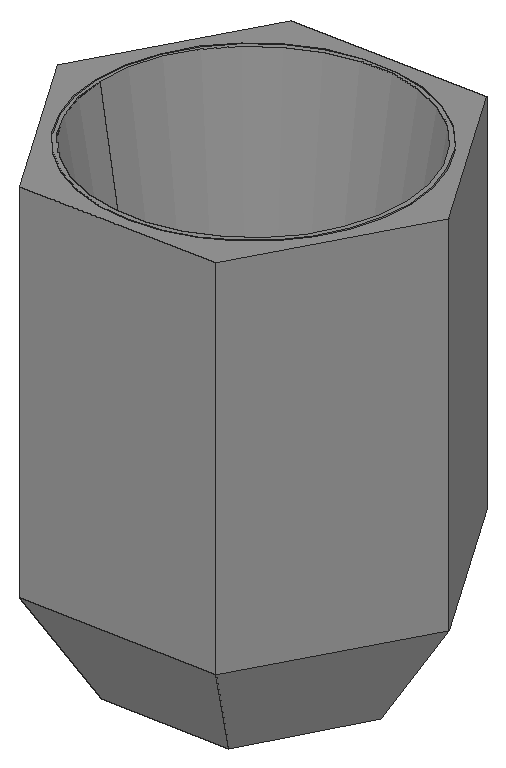
Revit family "12824 Урна бетонная «Парс» Хоббика", category Антураж, Revit 2018
Family settings
  На основе рабочей плоскости = Нет
  Всегда вертикально = Да
  При загрузке вырезать с полостями = Нет
  Источник визуального образа = Геометрия семейства
  Общий = Нет
  Точка расчета площади = Нет
Parameters (values of type "Урна бетонная «Парс»")
  Ширина = 430 mm  # constant formula
  Цвет основания = Архитектурный бетон
  Описание = "Урна бетонная «Парс»"  # constant formula
  Материал изделия = "Архитектурный бетон"  # constant formula
  Изображение типоразмера = Урна бетонная «Парс» Арт 12824.jpg
  Изготовитель = "ООО «Хоббика»"  # constant formula
  Группа модели = "Уличные урны"  # constant formula
  Высота = 600 mm  # constant formula
  Длина = 500 mm  # constant formula
  Артикул товара = "Арт. 12824"  # constant formula
  URL = "https://hobbyka.ru/product/urna_betonnaya_pars/"
Reference planes
  plane 1 "По центру (Вперед/Назад)": y = 0
  plane 2: z = 0
  plane 3 "По центру (Влево/Вправо)": x = 0
  plane 4: y = 430
  plane 5: x = 500
  plane 6: z = 600
Forms (mm)
  Blend 1, solid, material "Архитектурный бетон" <- "Цвет основания"
    base sketch origin (0, 0, 0) x (1, 0, 0) y (0, 1, 0)
      loop
        line (332.568, 355) -> (170.91, 355) -> (90.081, 215) -> (170.91, 75) -> (332.568, 75) -> (413.397, 215) -> (332.568, 355)
    top sketch origin (0, 0, 0) x (1, 0, 0) y (0, 1, 0)
      loop
        line (500, 215) -> (375.87, 430) -> (127.609, 430) -> (3.479, 215) -> (127.609, 0) -> (375.87, 0) -> (500, 215)
    from 0 to 131.517
  Extrusion 2, solid, material "Архитектурный бетон" <- "Цвет основания"
    sketch origin (0, 0, 0) x (1, 0, 0) y (0, 1, 0)
      loop
        line (500, 215) -> (375.87, 430) -> (127.609, 430) -> (3.479, 215) -> (127.609, 0) -> (375.87, 0) -> (500, 215)
      loop
        circle (251.739, 215) r 200
    from 131.517 to 600
  Blend 3, solid, material "Цинк"
    base sketch origin (0, 0, 0) x (1, 0, 0) y (0, 1, 0)
      loop
        circle (251.739, 215) r 125
    top sketch origin (0, 0, 0) x (1, 0, 0) y (0, 1, 0)
      loop
        circle (251.739, 215) r 200
    from 131.517 to 600
  Blend 4, void
    base sketch origin (0, 0, 0) x (1, 0, 0) y (0, 1, 0)
      loop
        circle (251.739, 215) r 120
    top sketch origin (0, 0, 0) x (1, 0, 0) y (0, 1, 0)
      loop
        circle (251.739, 215) r 195
    from 135.026 to 600
Cuts and joins
  Blend 4 cuts Blend 1
  Blend 4 cuts Extrusion 2
  joined: Blend 1, Extrusion 2
  Blend 4 cuts Blend 3
Dimensions and locks
  "Длина": plane 3 "По центру (Влево/Вправо)" to plane 5
  "Ширина": plane 4 to plane 1 "По центру (Вперед/Назад)"
  "Высота": plane 6 to plane 2
  aligned and locked: level to plane 2
Automatic sketch dimensions
  Blend 1 sketch curve to plane 4 = 75 mm
  Blend 1 sketch curve to plane 1 "По центру (Вперед/Назад)" = 75 mm
  Blend 1 sketch curve to plane 5 = 86.603 mm
  Blend 1 sketch curve to Blend 1 sketch curve = 80.829 mm  (x2)
  Blend 1 sketch curve to Blend 1 sketch curve = 161.658 mm  (x2)
  plane 3 "По центру (Влево/Вправо)" to Blend 1 sketch curve = 90.081 mm
  Blend 1 sketch curve to Blend 1 sketch curve = 140 mm  (x2)
  Blend 1 sketch curve to plane 4 = 0 mm
  plane 1 "По центру (Вперед/Назад)" to Blend 1 sketch curve = 0 mm
  Blend 1 sketch curve to plane 5 = 0 mm
  Blend 1 sketch curve to plane 5 = 124.13 mm  (x2)
  plane 3 "По центру (Влево/Вправо)" to Blend 1 sketch curve = 127.609 mm  (x2)
  plane 3 "По центру (Влево/Вправо)" to Blend 1 sketch curve = 3.479 mm
  Blend 1 sketch curve to plane 1 "По центру (Вперед/Назад)" = 215 mm  (x2)
  plane 1 "По центру (Вперед/Назад)" to Extrusion 2 sketch curve = 0 mm
  Extrusion 2 sketch curve to plane 4 = 0 mm
  Extrusion 2 sketch curve to plane 5 = 0 mm
  Extrusion 2 sketch curve to plane 5 = 124.13 mm  (x2)
  Extrusion 2 sketch curve to Extrusion 2 sketch curve = 124.13 mm
  plane 3 "По центру (Влево/Вправо)" to Extrusion 2 sketch curve = 127.609 mm  (x2)
  plane 3 "По центру (Влево/Вправо)" to Extrusion 2 sketch curve = 3.479 mm
  Extrusion 2 sketch curve to plane 1 "По центру (Вперед/Назад)" = 215 mm  (x3)
  Blend 3 sketch curve to Blend 3 sketch curve = 0 mm  (x4)
  Blend 3 sketch curve to plane 5 = 248.261 mm  (x2)
  Blend 3 sketch curve to plane 1 "По центру (Вперед/Назад)" = 215 mm  (x2)
  plane 3 "По центру (Влево/Вправо)" to Blend 3 sketch curve = 126.739 mm
  plane 3 "По центру (Влево/Вправо)" to Blend 3 sketch curve = 51.739 mm
  Blend 4 sketch curve to Blend 4 sketch curve = 0 mm  (x4)
  Blend 4 sketch curve to plane 5 = 248.261 mm  (x2)
  Blend 4 sketch curve to plane 1 "По центру (Вперед/Назад)" = 215 mm  (x2)
  Blend 4 sketch curve to Blend 4 sketch curve = 120 mm
  plane 3 "По центру (Влево/Вправо)" to Blend 4 sketch curve = 56.739 mm
  radius of Extrusion 2 sketch curve = 200 mm
